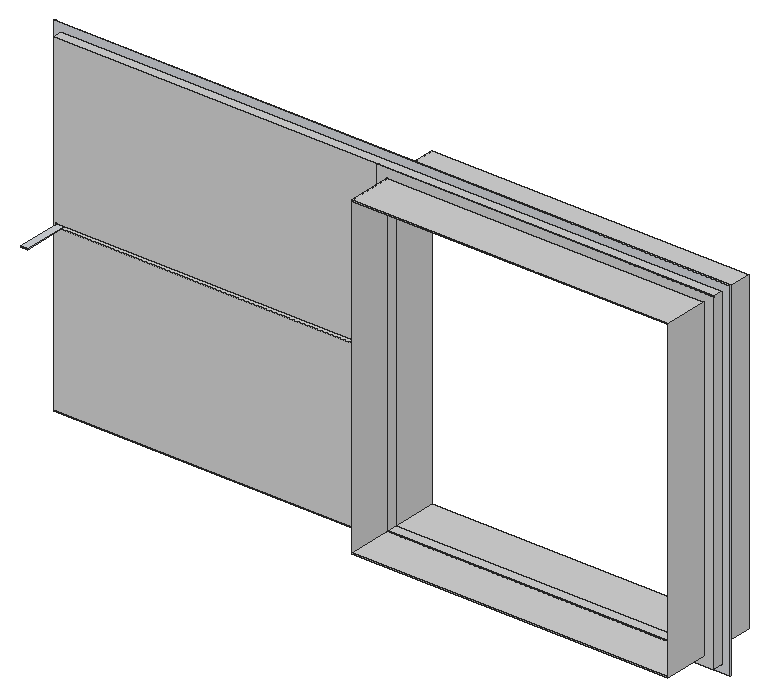
Revit family "НЕВАТОМ_Шибер-AxB_20220407", category Арматура воздуховодов, Revit 2017
Family settings
  Размер круглого соединителя = Использовать диаметр
  Тип детали = Вставляется
  На основе рабочей плоскости = Нет
  Всегда вертикально = Нет
  При загрузке вырезать с полостями = Нет
  Общий = Нет
Parameters (values of type "600x600")
  Материал корпуса = Материал корпуса
  t = 1 mm  # constant formula
  Nevatom_Частотный преобразователь = ""
  Nevatom_Регулятор расхода = ""
  Nevatom_URL = "https://t.me/NEVATOM_Bim_bot"
  Nevatom_ Для задания электроснабжения = ""
  L = 15 mm
  B1 = 1285 mm
  ADSK_Ток = 0 A
  ADSK_Размер_Ширина = 190 mm  # constant formula
  ADSK_Размер_Длина = B1  # 1285 mm
  ADSK_Размер_Высота = A1  # 665 mm
  ADSK_Полная мощность = 0 VA
  ADSK_Напряжение = 0 V
  ADSK_Материал наименование = "Оцинкованная сталь"  # constant formula
  A1 = 665 mm
  A/2 = A / 2 + 20 mm  # 320 mm
  20 = 20 mm
  190 = 190 mm  # constant formula
  A = 600 mm
  ADSK_Примечание = ""
  ADSK_Позиция = ""
  ADSK_Наименование = "Шибер"
  ADSK_Масса_Текст = "кг"
  ADSK_Масса = 0
  ADSK_Марка = "600x600–ОЦ.–0,7–T2.T2"
  ADSK_Код изделия = ""
  ADSK_Завод-изготовитель = "NEVATOM"
  ADSK_Единица измерения = "шт."
Types (13, lengths in mm): name | L | B1 | ADSK_Размер_Длина | ADSK_Размер_Высота | A1 | A/2 | A | ADSK_Марка
  (no name) | 15 | 1285 | 1285 | 665 | 665 | 320 | 600 | "600x600–ОЦ.–0,7–T2.T2"
  100x100 | 10 | 285 | 285 | 165 | 165 | 70 | 100 | "100x100–ОЦ.–0,7–T2.T2"
  125x125 | 15 | 335 | 335 | 190 | 190 | 82.5 | 125 | "125x125–ОЦ.–0,7–T2.T2"
  150x150 | 15 | 405 | 405 | 225 | 225 | 95 | 150 | "150x150–ОЦ.–0,7–T2.T2"
  200x200 | 15 | 485 | 485 | 265 | 265 | 120 | 200 | "200x200–ОЦ.–0,7–T2.T2"
  250x250 | 15 | 585 | 585 | 315 | 315 | 145 | 250 | "250x250–ОЦ.–0,7–T2.T2"
  300x300 | 15 | 695 | 695 | 375 | 375 | 170 | 300 | "300x300–ОЦ.–0,7–T2.T2"
  350x350 | 15 | 785 | 785 | 415 | 415 | 195 | 350 | "350x350–ОЦ.–0,7–T2.T2"
  400x400 | 15 | 885 | 885 | 460 | 460 | 220 | 400 | "400x400–ОЦ.–0,7–T2.T2"
  450x450 | 15 | 985 | 985 | 515 | 515 | 245 | 450 | "450x450–ОЦ.–0,7–T2.T2"
  500x500 | 15 | 1085 | 1085 | 565 | 565 | 270 | 500 | "500x500–ОЦ.–0,7–T2.T2"
  560x560 | 15 | 1145 | 1145 | 625 | 625 | 300 | 560 | "560x560–ОЦ.–0,7–T2.T2"
  600x600 | 15 | 1285 | 1285 | 665 | 665 | 320 | 600 | "600x600–ОЦ.–0,7–T2.T2"
Reference planes
  plane 1 "По центру (Вперед/Назад)": y = 0
  plane 2: z = 0
  plane 3 "По центру (Влево/Вправо)": x = 0
  plane 4: z = 317.5
  plane 5: z = -317.5
  plane 6: y = 10
  plane 7: y = -95
  plane 8: y = 95
  plane 9: y = -10
  plane 10: x = 335
  plane 11: x = -950
  plane 12: z = 332.5
  plane 13: z = -332.5
  plane 14: x = -935
  plane 15: x = 320
  plane 16: x = -930
Forms (mm)
  Extrusion 1, solid, material "Материал корпуса" <- "Материал корпуса"
    sketch origin (-85, 0, 0) x (1, 0, 0) y (0, 0, 1)
      loop
        line (-850, 317.5) -> (-850, -317.5) -> (405, -317.5) -> (405, 317.5) -> (-850, 317.5)
    from -10 to 10
  Extrusion 2, solid
    sketch origin (-85, 0, 0) x (1, 0, 0) y (0, 0, 1)
      loop
        line (-865, 332.5) -> (-865, -332.5) -> (420, -332.5) -> (420, 332.5) -> (-865, 332.5)
      loop
        line (-850, 317.5) -> (-850, -317.5) -> (405, -317.5) -> (405, 317.5) -> (-850, 317.5)
    from -10 to -9
  Extrusion 3, void
    sketch origin (-85, 0, 0) x (1, 0, 0) y (0, 0, 1)
      loop
        line (-845, 3) -> (-845, -3) -> (-235, -3) -> (-235, 3) -> (-845, 3)
    from 0 to 10
  Extrusion 4, solid
    sketch origin (-85, 0, 0) x (1, 0, 0) y (0, 0, 1)
      loop
        line (-845, 1.198) -> (-845, 0) -> (-830, 0) -> (-830, 1.198) -> (-845, 1.198)
    from 0 to 95
  Extrusion 5, solid, material "Материал корпуса" <- "Материал корпуса"
    sketch origin (-85, 0, 0) x (1, 0, 0) y (0, 0, 1)
      loop
        line (-215, 300) -> (-215, -300) -> (385, -300) -> (385, 300) -> (-215, 300)
      loop
        line (-216, 301) -> (-216, -301) -> (386, -301) -> (386, 301) -> (-216, 301)
    from -95 to 95
  Extrusion 6, void
    sketch origin (-85, 0, 0) x (1, 0, 0) y (0, 0, 1)
      loop
        line (-215, 300) -> (-215, -300) -> (385, -300) -> (385, 300) -> (-215, 300)
    from -95 to 95
  Extrusion 7, solid, material "Материал корпуса" <- "Материал корпуса"
    sketch origin (0, 0, 0) x (1, 0, 0) y (0, 0, 1)
      loop
        line (-320, 317.5) -> (-320, -317.5) -> (320, -317.5) -> (320, 317.5) -> (-320, 317.5)
      loop
        line (-301, 301) -> (-301, -301) -> (301, -301) -> (301, 301) -> (-301, 301)
    from 10 to 11
Cuts and joins
  Extrusion 3, Extrusion 6 cuts Extrusion 1
  Extrusion 6 cuts Extrusion 5
Dimensions and locks
  equal spacing: plane 6, plane 1 "По центру (Вперед/Назад)", plane 9
  "20": plane 6 to plane 9
  equal spacing: plane 8, plane 1 "По центру (Вперед/Назад)", plane 7
  "190": plane 8 to plane 7
  "B1": plane 11 to plane 10
  "A1": plane 12 to plane 13
  plane 10 to plane 11 = 1285 mm
  equal spacing: plane 12, level, plane 13
  "L": plane 5 to plane 13
  "L": plane 12 to plane 4
  "L": plane 14 to plane 11
  "L": plane 10 to plane 15
  "t": plane 6 to Extrusion 2
  locked: plane 16 to plane 14 at 5
  equal spacing: Extrusion 3 sketch curve, level, Extrusion 3 sketch curve
  locked: Extrusion 3 sketch curve to Extrusion 3 sketch curve at 6
  plane 6 to plane 7 = 105 mm
  locked: Extrusion 4 sketch curve to plane 16 at 15
  locked: Extrusion 4 sketch curve to level at 1.198
  equal spacing: Extrusion 5 sketch curve, level, Extrusion 5 sketch curve
  "A": Extrusion 5 sketch curve to Extrusion 5 sketch curve  (x2)
  Extrusion 5 sketch curve to Extrusion 5 sketch curve = 600 mm
  "t": Extrusion 5 sketch curve to Extrusion 5 sketch curve  (x4)
  equal spacing: cut or joined group of Extrusion 5, Extrusion 6, plane 3 "По центру (Влево/Вправо)", cut or joined group of Extrusion 5, Extrusion 6
  cut or joined group of Extrusion 5, Extrusion 6 to plane 15 to plane 10 = 19 mm, 15 mm
  "A": cut or joined group of Extrusion 5, Extrusion 6 to cut or joined group of Extrusion 5, Extrusion 6
  "A/2": plane 3 "По центру (Влево/Вправо)" to plane 15
  plane 14 to plane 11 = 15 mm
  plane 10 to plane 15 = 15 mm
  cut or joined group of Extrusion 1, Extrusion 3, Extrusion 6 to cut or joined group of Extrusion 5, Extrusion 6 = 19 mm
  plane 15 to plane 3 "По центру (Влево/Вправо)" = 320 mm
  Extrusion 7 sketch curve to cut or joined group of Extrusion 5, Extrusion 6 = 19 mm
  "t": Extrusion 7 to Extrusion 7
  aligned and locked: level to plane 2
  aligned and locked: plane 5 to Extrusion 1 sketch curve
  aligned and locked: Extrusion 1 sketch curve to plane 15
  aligned and locked: Extrusion 1 sketch curve to plane 4
  aligned and locked: Extrusion 2 sketch curve to plane 4
  aligned and locked: Extrusion 2 sketch curve to plane 12
  aligned and locked: plane 14 to Extrusion 2 sketch curve
  aligned and locked: Extrusion 2 sketch curve to plane 11
  aligned and locked: plane 5 to Extrusion 2 sketch curve
  aligned and locked: plane 13 to Extrusion 2 sketch curve
  aligned and locked: Extrusion 2 sketch curve to plane 15
  aligned and locked: Extrusion 2 sketch curve to plane 10
  aligned and locked: plane 6 to Extrusion 2
  aligned and locked: Extrusion 2 to plane 6
  aligned and locked: plane 16 to Extrusion 3 sketch curve
  aligned and locked: Extrusion 3 to plane 9
  aligned and locked: cut or joined group of Extrusion 1, Extrusion 3, Extrusion 6 to plane 1 "По центру (Вперед/Назад)"
  aligned and locked: plane 16 to Extrusion 4 sketch curve
  aligned and locked: plane 2 to Extrusion 4 sketch curve
  aligned and locked: Extrusion 4 to plane 1 "По центру (Вперед/Назад)"
  aligned and locked: Extrusion 4 to plane 16
  aligned and locked: Extrusion 4 to plane 7
  aligned and locked: plane 8 to Extrusion 5
  aligned and locked: Extrusion 5 to plane 7
  aligned and locked: Extrusion 5 to Extrusion 6 sketch curve
  aligned and locked: Extrusion 6 sketch curve to Extrusion 5  (x3)
  aligned and locked: cut or joined group of Extrusion 5, Extrusion 6 to Extrusion 6
  aligned and locked: Extrusion 4 to Extrusion 6
  aligned and locked: Extrusion 7 sketch curve to plane 4
  aligned and locked: Extrusion 7 sketch curve to Extrusion 2  (x2)
  aligned and locked: Extrusion 7 sketch curve to cut or joined group of Extrusion 5, Extrusion 6  (x4)
  aligned and locked: Extrusion 3 to Extrusion 7
  aligned and locked: plane 9 to Extrusion 7
  aligned and locked: cut or joined group of Extrusion 5, Extrusion 6 to nested 1
  aligned and locked: nested 1 to cut or joined group of Extrusion 1, Extrusion 3, Extrusion 6
Automatic sketch dimensions
  Extrusion 3 sketch curve to plane 3 "По центру (Влево/Вправо)" = 320 mm
  Extrusion 1 sketch curve to plane 14 = 0 mm
  Extrusion 5 sketch curve to plane 3 "По центру (Влево/Вправо)" = 301 mm
Nested families
  nested 1: "НЕВАТОМ_QR-AxB" at (26, -35, 301), type "Nevatom_Logo_50x50", not visible
Connectors
  hvac at (0, -95, 0), driven by "A", driven by "A"
    settings: on cut or joined group of Extrusion 5, Extrusion 6, index 1, duct flow 0.0 m³/h, flow factor 0, pres drop 0.0 Pa, loss coef 0, conn angle 0.00°, conn width 600 mm, conn height 600 mm, conn diameter 609.6 mm, duct sys type 29, conn prof type 1, flow config 0, flow direction 0, loss method 0, conn ref index 2, conn util no, is conn primary yes, conn desc ""
  hvac at (0, 95, 0), driven by "A", driven by "A"
    settings: on cut or joined group of Extrusion 5, Extrusion 6, index 2, duct flow 0.0 m³/h, flow factor 0, pres drop 0.0 Pa, loss coef 0, conn angle 0.00°, conn width 600 mm, conn height 600 mm, conn diameter 609.6 mm, duct sys type 29, conn prof type 1, flow config 0, flow direction 0, loss method 0, conn ref index 1, conn util no, is conn primary no, conn desc ""
Definition of nested family "НЕВАТОМ_QR-AxB"
  Parameters (values of type "Nevatom_Logo_25x25")
    Logo_Image = none
    L = 2 mm
    B = A  # 25 mm
    A = 25 mm
  Types (5, lengths in mm): name | B | A
    (no name) | 25 | 25
    Nevatom_Logo_200x200 | 200 | 200
    Nevatom_Logo_100x100 | 100 | 100
    Nevatom_Logo_50x50 | 50 | 50
    Nevatom_Logo_25x25 | 25 | 25
  Reference planes
    plane 1 "По центру (Вперед/Назад)": y = 0
    plane 2: z = 0
    plane 3 "По центру (Влево/Вправо)": x = 0
    plane 4: x = -12.5
    plane 5: x = 12.5
    plane 6: y = 12.5
    plane 7: y = -12.5
  Forms (mm)
    Extrusion 1, solid, material <- "Logo_Image"
      sketch origin (0, 0, 0) x (1, 0, 0) y (0, 1, 0)
        loop
          line (-12.5, 12.5) -> (-12.5, -12.5) -> (12.5, -12.5) -> (12.5, 12.5) -> (-12.5, 12.5)
      from 0 to 2 <- "L"
  Lines and regions (mm)
    reference lines
      curve 1: line (-12.5, 12.5, 0) -> (12.5, 12.5, 0)
      curve 2: line (12.5, 12.5, 0) -> (12.5, -12.5, 0)
      curve 3: line (12.5, -12.5, 0) -> (-12.5, -12.5, 0)
      curve 4: line (-12.5, -12.5, 0) -> (-12.5, 12.5, 0)
  Dimensions and locks
    equal spacing: plane 4, plane 3 "По центру (Влево/Вправо)", plane 5
    "A": plane 4 to plane 5
    equal spacing: plane 6, plane 1 "По центру (Вперед/Назад)", plane 7
    "B": plane 6 to plane 7
    aligned and locked: level to plane 2
    aligned and locked: plane 6 to curve 1
    aligned and locked: plane 4 to curve 4
    aligned and locked: plane 5 to curve 2
    aligned and locked: plane 7 to curve 3
    aligned and locked: Extrusion 1 sketch curve to curve 1
    aligned and locked: Extrusion 1 sketch curve to curve 4
    aligned and locked: Extrusion 1 sketch curve to curve 3
    aligned and locked: Extrusion 1 sketch curve to curve 2
